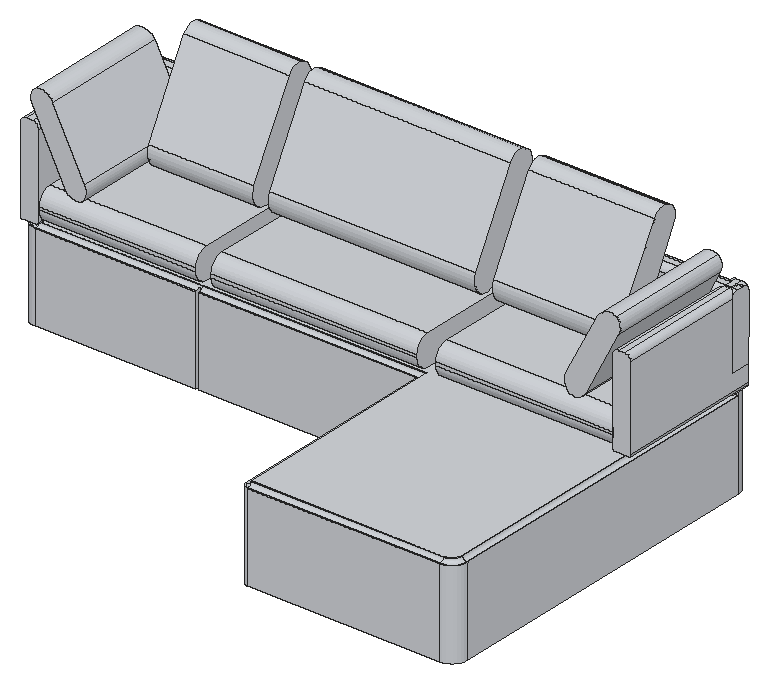
Revit family "Golden Sofa", category Generic Models, Revit 2027
Family settings
  Can host rebar = No
  Round Connector Dimension = Use Diameter
  Part Type = Normal
  Work Plane-Based = No
  Always vertical = Yes
  Cut with Voids When Loaded = No
  Maintain Annotation Orientation = No
  Shared = No
  Room Calculation Point = No
Parameters
  Mueble superior = none
  Mueble inferior = none
  Default Elevation = 0.00 m
  Cojines bajos = none
  Cojines Altos = none
  Ancho Y2 = 0.6 * Ancho Y  # 0.72 m
  Ancho Y = 1.20 m
  Ancho X2 = 0.65 * Ancho X  # 1.30 m
  Ancho X = 2.00 m
  Altura Posabrazos = 0.30 m
  Altura Base = 0.30 m
Reference planes (m)
  plane 1 "Center (Front/Back)": y = 0
  plane 2: z = 0
  plane 3 "Center (Left/Right)": x = 0
  plane 4: x = -1
  plane 5: x = 1
  plane 6: y = 0.6
  plane 7: y = -0.6
  plane 8: y = 0.12
  plane 9: x = 0.3
  plane 10 "top base": z = 0.3
  plane 11 "top brazos": z = 0.6
  plane 12: y = 0.4
  plane 13: x = -0.77
  plane 14: x = -0.375
  plane 15: x = 0.77
  plane 16: x = 0.36
Forms (m)
  Extrusion 1, solid, material <- "Mueble inferior"
    sketch origin (0.12, 0.04, 0) x (1, 0, 0) y (0, 1, 0)
      loop
        arc (-1.078251, 0.56) -> (-1.107772, 0.547772) -> (-1.12, 0.518251) r 0.041749
        line (-1.12, 0.518251) -> (-1.12, 0.13)
        arc (-1.12, 0.13) -> (-1.105355, 0.094645) -> (-1.07, 0.08) r 0.05
        line (-1.07, 0.08) -> (-0.545, 0.08) -> (-0.545, 0.095) -> (-0.535, 0.095) -> (-0.535, 0.08) -> (0.18, 0.08) -> (0.18, -0.62)
        arc (0.18, -0.62) -> (0.185858, -0.634142) -> (0.2, -0.64) r 0.02
        line (0.2, -0.64) -> (0.83, -0.64)
        arc (0.83, -0.64) -> (0.865355, -0.625355) -> (0.88, -0.59) r 0.05
        line (0.88, -0.59) -> (0.88, 0.52)
        arc (0.88, 0.52) -> (0.868284, 0.548284) -> (0.84, 0.56) r 0.04
        line (0.84, 0.56) -> (-1.078251, 0.56)
    from 0 to 0.3
  Extrusion 2, solid, material <- "Mueble superior"
    sketch origin (0, 0, 0) x (1, 0, 0) y (0, 0, 1)
      loop
        line (-0.992045, 0.3) -> (-0.948115, 0.3)
        arc (-0.948115, 0.3) -> (-0.942377, 0.302377) -> (-0.94, 0.308115) r 0.008115
        line (-0.94, 0.308115) -> (-0.94, 0.58)
        arc (-0.94, 0.58) -> (-0.945858, 0.594142) -> (-0.96, 0.6) r 0.02
        line (-0.96, 0.6) -> (-0.98, 0.6)
        arc (-0.98, 0.6) -> (-0.994142, 0.594142) -> (-1, 0.58) r 0.02
        line (-1, 0.58) -> (-1, 0.307955)
        arc (-1, 0.307955) -> (-0.99767, 0.30233) -> (-0.992045, 0.3) r 0.007955
    from -0.6 to -0.12
  Extrusion 3, solid, material <- "Mueble superior"
    sketch origin (1.94, 0, 0) x (1, 0, 0) y (0, 0, 1)
      loop
        line (-0.992045, 0.3) -> (-0.948115, 0.3)
        arc (-0.948115, 0.3) -> (-0.942377, 0.302377) -> (-0.94, 0.308115) r 0.008115
        line (-0.94, 0.308115) -> (-0.94, 0.58)
        arc (-0.94, 0.58) -> (-0.945858, 0.594142) -> (-0.96, 0.6) r 0.02
        line (-0.96, 0.6) -> (-0.98, 0.6)
        arc (-0.98, 0.6) -> (-0.994142, 0.594142) -> (-1, 0.58) r 0.02
        line (-1, 0.58) -> (-1, 0.307955)
        arc (-1, 0.307955) -> (-0.99767, 0.30233) -> (-0.992045, 0.3) r 0.007955
    from -0.6 to -0.12
  Extrusion 4, solid, material <- "Mueble superior"
    sketch origin (0, 0, 0) x (0, 1, 0) y (0, 0, 1)
      loop
        line (0.6, 0.3) -> (0.6, 0.58)
        arc (0.6, 0.58) -> (0.594142, 0.594142) -> (0.58, 0.6) r 0.02
        line (0.58, 0.6) -> (0.555, 0.6)
        arc (0.555, 0.6) -> (0.540858, 0.594142) -> (0.535, 0.58) r 0.02
        line (0.535, 0.58) -> (0.535, 0.308)
        arc (0.535, 0.308) -> (0.537343, 0.302343) -> (0.543, 0.3) r 0.008
        line (0.543, 0.3) -> (0.6, 0.3)
    from -1 to 1
  Extrusion 5, solid, material <- "Cojines Altos"
    sketch origin (-0.002387, 0, 0.039161) x (1, 0, 0) y (0, 0, 1)
      loop
        line (-0.957739, 0.606251) -> (-0.85257, 0.399847)
        arc (-0.85257, 0.399847) -> (-0.828741, 0.378319) -> (-0.796627, 0.37816) r 0.045
        arc (-0.796627, 0.37816) -> (-0.781372, 0.403679) -> (-0.785361, 0.433142) r 0.045
        line (-0.785361, 0.433142) -> (-0.889745, 0.638008)
        arc (-0.889745, 0.638008) -> (-0.915934, 0.660376) -> (-0.95027, 0.657673) r 0.045
        arc (-0.95027, 0.657673) -> (-0.962176, 0.633149) -> (-0.957739, 0.606251) r 0.045
    from -0.535 to -0.12
  Extrusion 6, solid, material <- "Cojines Altos"
    sketch origin (-0.84, -0.402933, 0.045) x (0, -1, 0) y (0, 0, 1)
      loop
        line (-0.986999, 0.663683) -> (-0.851545, 0.398247)
        arc (-0.851545, 0.398247) -> (-0.821699, 0.371447) -> (-0.781742, 0.374975) r 0.05033
        arc (-0.781742, 0.374975) -> (-0.758999, 0.406963) -> (-0.761991, 0.446096) r 0.057676
        line (-0.761991, 0.446096) -> (-0.906319, 0.706471)
        arc (-0.906319, 0.706471) -> (-0.930786, 0.726277) -> (-0.962144, 0.723519) r 0.042
        line (-0.962144, 0.723519) -> (-0.968679, 0.720184)
        arc (-0.968679, 0.720184) -> (-0.989541, 0.695727) -> (-0.986999, 0.663683) r 0.042
    from -0.415 to -0.07
  Extrusion 7, solid, material <- "Cojines Altos"
    sketch origin (-0.28, -0.402933, 0.045) x (0, -1, 0) y (0, 0, 1)
      loop
        line (-0.986999, 0.663683) -> (-0.851545, 0.398247)
        arc (-0.851545, 0.398247) -> (-0.821699, 0.371447) -> (-0.781742, 0.374975) r 0.05033
        arc (-0.781742, 0.374975) -> (-0.758999, 0.406963) -> (-0.761991, 0.446096) r 0.057676
        line (-0.761991, 0.446096) -> (-0.906319, 0.706471)
        arc (-0.906319, 0.706471) -> (-0.930786, 0.726277) -> (-0.962144, 0.723519) r 0.042
        line (-0.962144, 0.723519) -> (-0.968679, 0.720184)
        arc (-0.968679, 0.720184) -> (-0.989541, 0.695727) -> (-0.986999, 0.663683) r 0.042
    from -0.58 to 0.095
  Sweep 8, void
    path in 3D
      loop
        line (-1, 0.558251, 0.3) -> (-1, 0.17, 0.3)
        arc (-1, 0.17, 0.3) -> (-0.985355, 0.134645, 0.3) -> (-0.95, 0.12, 0.3) r 0.05
        line (-0.95, 0.12, 0.3) -> (-0.415, 0.12, 0.3) -> (0.3, 0.12, 0.3) -> (0.3, -0.58, 0.3)
        arc (0.3, -0.58, 0.3) -> (0.305858, -0.594142, 0.3) -> (0.32, -0.6, 0.3) r 0.02
        line (0.32, -0.6, 0.3) -> (0.95, -0.6, 0.3)
        arc (0.95, -0.6, 0.3) -> (0.985355, -0.585355, 0.3) -> (1, -0.55, 0.3) r 0.05
        line (1, -0.55, 0.3) -> (1, 0.56, 0.3)
    profile origin (-0.6825, 0.12, 0.3) x (0, 1, 0) y (0, 0, 1)
      loop
        line (0, 0) -> (0, -0.013397) -> (0.00487, -0.013397)
        arc (0.00487, -0.013397) -> (0.0137, -0.00974) -> (0.017358, -0.00091) r 0.012488
        line (0.017358, -0.00091) -> (0.017358, 0) -> (0, 0)
  Extrusion 9, solid, material <- "Cojines bajos"
    sketch origin (0, 0, 0) x (0, 1, 0) y (0, 0, 1)
      loop
        line (0.165, 0.3) -> (0.49, 0.3)
        arc (0.49, 0.3) -> (0.52182, 0.31318) -> (0.535, 0.345) r 0.045
        line (0.535, 0.345) -> (0.535, 0.355)
        arc (0.535, 0.355) -> (0.52182, 0.38682) -> (0.49, 0.4) r 0.045
        line (0.49, 0.4) -> (0.165, 0.4)
        arc (0.165, 0.4) -> (0.13318, 0.38682) -> (0.12, 0.355) r 0.045
        line (0.12, 0.355) -> (0.12, 0.345)
        arc (0.12, 0.345) -> (0.13318, 0.31318) -> (0.165, 0.3) r 0.045
    from -0.94 to -0.425
  Extrusion 10, solid, material <- "Cojines bajos"
    sketch origin (0, 0, 0) x (0, 1, 0) y (0, 0, -1)
      loop
        arc (0.165, -0.3) -> (0.13318, -0.31318) -> (0.12, -0.345) r 0.045
        line (0.12, -0.345) -> (0.12, -0.355)
        arc (0.12, -0.355) -> (0.13318, -0.38682) -> (0.165, -0.4) r 0.045
        line (0.165, -0.4) -> (0.49, -0.4)
        arc (0.49, -0.4) -> (0.52182, -0.38682) -> (0.535, -0.355) r 0.045
        line (0.535, -0.355) -> (0.535, -0.345)
        arc (0.535, -0.345) -> (0.52182, -0.31318) -> (0.49, -0.3) r 0.045
        line (0.49, -0.3) -> (0.165, -0.3)
    from -0.94 to -0.36
  Extrusion 11, solid, material <- "Cojines bajos"
    sketch origin (-0.765419, 0, 0) x (0, 1, 0) y (0, 0, -1)
      loop
        arc (0.165, -0.3) -> (0.13318, -0.31318) -> (0.12, -0.345) r 0.045
        line (0.12, -0.345) -> (0.12, -0.355)
        arc (0.12, -0.355) -> (0.13318, -0.38682) -> (0.165, -0.4) r 0.045
        line (0.165, -0.4) -> (0.49, -0.4)
        arc (0.49, -0.4) -> (0.52182, -0.38682) -> (0.535, -0.355) r 0.045
        line (0.535, -0.355) -> (0.535, -0.345)
        arc (0.535, -0.345) -> (0.52182, -0.31318) -> (0.49, -0.3) r 0.045
        line (0.49, -0.3) -> (0.165, -0.3)
    from -1.065419 to -0.390419
  Extrusion 12, solid, material <- "Cojines Altos"
    sketch origin (0.002387, 0, 0.039161) x (-1, 0, 0) y (0, 0, -1)
      loop
        arc (-0.957739, -0.606251) -> (-0.962176, -0.633149) -> (-0.95027, -0.657673) r 0.045
        arc (-0.95027, -0.657673) -> (-0.915934, -0.660376) -> (-0.889745, -0.638008) r 0.045
        line (-0.889745, -0.638008) -> (-0.785361, -0.433142)
        arc (-0.785361, -0.433142) -> (-0.781372, -0.403679) -> (-0.796627, -0.37816) r 0.045
        arc (-0.796627, -0.37816) -> (-0.828741, -0.378319) -> (-0.85257, -0.399847) r 0.045
        line (-0.85257, -0.399847) -> (-0.957739, -0.606251)
    from -0.535 to -0.12
  Extrusion 13, solid, material <- "Cojines Altos"
    sketch origin (0.84, -0.402933, 0.045) x (0, -1, 0) y (0, 0, -1)
      loop
        arc (-0.986999, -0.663683) -> (-0.989541, -0.695727) -> (-0.968679, -0.720184) r 0.042
        line (-0.968679, -0.720184) -> (-0.962144, -0.723519)
        arc (-0.962144, -0.723519) -> (-0.930786, -0.726277) -> (-0.906319, -0.706471) r 0.042
        line (-0.906319, -0.706471) -> (-0.761991, -0.446096)
        arc (-0.761991, -0.446096) -> (-0.758999, -0.406963) -> (-0.781742, -0.374975) r 0.057676
        arc (-0.781742, -0.374975) -> (-0.821699, -0.371447) -> (-0.851545, -0.398247) r 0.05033
        line (-0.851545, -0.398247) -> (-0.986999, -0.663683)
    from -0.48 to -0.07
Cuts and joins
  Sweep 8 cuts Extrusion 1
  Sweep 8 cuts Extrusion 2
  Sweep 8 cuts Extrusion 4
Lines and regions (m)
  sketch lines
    curve 1: line (-0.95, 0.12, 0.3) -> (-0.415, 0.12, 0.3)
    curve 2: line (-1, 0.558251, 0.3) -> (-1, 0.17, 0.3)
    curve 3: arc (-0.95, 0.12, 0.3) -> (-0.985355, 0.134645, 0.3) -> (-1, 0.17, 0.3) r 0.05
    curve 4: line (-0.415, 0.12, 0.3) -> (0.3, 0.12, 0.3)
    curve 5: line (0.3, 0.12, 0.3) -> (0.3, -0.58, 0.3)
    curve 6: line (0.32, -0.6, 0.3) -> (0.95, -0.6, 0.3)
    curve 7: arc (0.32, -0.6, 0.3) -> (0.305858, -0.594142, 0.3) -> (0.3, -0.58, 0.3) r 0.02
    curve 8: arc (1, -0.55, 0.3) -> (0.985355, -0.585355, 0.3) -> (0.95, -0.6, 0.3) r 0.05
    curve 9: line (1, -0.55, 0.3) -> (1, 0.56, 0.3)
Dimensions and locks (m)
  plane 4 to plane 3 "Center (Left/Right)" to Extrusion 1 = 1.00 m, 1.00 m
  "Ancho X": plane 4 to plane 5
  equal spacing: plane 6, plane 1 "Center (Front/Back)", plane 7
  "Ancho Y": plane 6 to plane 7
  "Ancho X2": plane 4 to plane 9
  "Ancho Y2": plane 8 to plane 7
  "Altura Base": plane 10 "top base" to level
  "Altura Posabrazos": plane 11 "top brazos" to plane 10 "top base"
  plane 13 to plane 4 = 0.23 m
  plane 14 to Extrusion 6 = 0.05 m
  plane 5 to plane 15 = 0.23 m
  plane 16 to plane 9 = 0.06 m
  aligned and locked: level to plane 2
  aligned and locked: Extrusion 1 to plane 4
  aligned and locked: plane 5 to Extrusion 1
  aligned and locked: plane 6 to Extrusion 1
  aligned and locked: Extrusion 1 to plane 7
  aligned and locked: Extrusion 1 to plane 8
  aligned and locked: Extrusion 1 to plane 9
  aligned and locked: plane 10 "top base" to Extrusion 1
  aligned and locked: Extrusion 2 to Extrusion 1
  aligned and locked: Extrusion 1 to Extrusion 2
  aligned and locked: Extrusion 3 to Extrusion 1
  aligned and locked: Extrusion 1 to Extrusion 3
  aligned and locked: Extrusion 1 to Extrusion 4
  aligned and locked: plane 11 "top brazos" to Extrusion 4
  aligned and locked: Extrusion 4 to Extrusion 2
  aligned and locked: Extrusion 4 to Extrusion 3
  aligned and locked: Extrusion 1 to Extrusion 5
  aligned and locked: Extrusion 5 to Extrusion 4
  aligned and locked: Extrusion 1 to Extrusion 6
  aligned and locked: Extrusion 6 to plane 13
  aligned and locked: Extrusion 1 to Extrusion 7
  aligned and locked: Extrusion 7 to plane 14
  aligned and locked: Extrusion 9 to cut or joined group of Extrusion 2, Sweep 8
  aligned and locked: Extrusion 9 to Extrusion 6
  aligned and locked: Extrusion 10 to Extrusion 3
  aligned and locked: plane 9 to Extrusion 11
  aligned and locked: Extrusion 7 to Extrusion 11
  aligned and locked: Extrusion 10 to plane 16
  aligned and locked: Extrusion 13 to plane 16
  aligned and locked: Extrusion 13 to plane 15
Automatic sketch dimensions
  Extrusion 1 sketch curve to plane 4 = 0.00 m
  Extrusion 1 sketch curve to plane 6 = 0.00 m
  Extrusion 1 sketch curve to plane 8 = 0.00 m  (x2)
  Extrusion 1 sketch curve to plane 9 = 0.00 m
  Extrusion 1 sketch curve to plane 7 = 0.00 m
  Extrusion 1 sketch curve to plane 5 = 0.00 m
  plane 4 to Extrusion 1 sketch curve = 0.041749 m
  plane 4 to Extrusion 1 sketch curve = 0.05 m
  plane 8 to Extrusion 1 sketch curve = 0.015 m
  Extrusion 1 sketch curve to plane 14 = 0.05 m
  Extrusion 1 sketch curve to Extrusion 1 sketch curve = 0.01 m
  plane 9 to Extrusion 1 sketch curve = 0.02 m
  Extrusion 1 sketch curve to Extrusion 1 sketch curve = 0.05 m
  Extrusion 1 sketch curve to Extrusion 1 sketch curve = 0.04 m
  Extrusion 2 sketch curve to plane 4 = 0.00 m
  Extrusion 2 sketch curve to plane 10 "top base" = 0.00 m
  Extrusion 2 sketch curve to plane 11 "top brazos" = 0.00 m
  plane 4 to Extrusion 2 sketch curve = 0.007955 m
  plane 4 to Extrusion 2 sketch curve = 0.02 m
  Extrusion 2 sketch curve to Extrusion 2 sketch curve = 0.02 m
  plane 10 "top base" to Extrusion 2 sketch curve = 0.008115 m
  Extrusion 2 sketch curve to Extrusion 2 sketch curve = 0.04393 m
  Extrusion 3 sketch curve to plane 10 "top base" = 0.00 m
  Extrusion 3 sketch curve to plane 11 "top brazos" = 0.00 m
  Extrusion 3 sketch curve to plane 5 = 0.00 m
  Extrusion 3 sketch curve to plane 5 = 0.008115 m
  Extrusion 3 sketch curve to plane 5 = 0.02 m
  Extrusion 3 sketch curve to Extrusion 3 sketch curve = 0.02 m
  plane 10 "top base" to Extrusion 3 sketch curve = 0.007955 m
  Extrusion 3 sketch curve to Extrusion 3 sketch curve = 0.04393 m
  Extrusion 4 sketch curve to plane 10 "top base" = 0.00 m
  Extrusion 4 sketch curve to plane 11 "top brazos" = 0.00 m
  Extrusion 4 sketch curve to plane 6 = 0.00 m
  Extrusion 4 sketch curve to plane 6 = 0.02 m
  Extrusion 4 sketch curve to Extrusion 4 sketch curve = 0.025 m
  Extrusion 4 sketch curve to Extrusion 4 sketch curve = 0.057 m
  Extrusion 4 sketch curve to Extrusion 4 sketch curve = 0.008 m
  plane 4 to Extrusion 5 sketch curve = 0.039874 m
  Extrusion 5 sketch curve to Extrusion 5 sketch curve = 0.027899 m  (x2)
  Extrusion 5 sketch curve to Extrusion 5 sketch curve = 0.012197 m
  plane 11 "top brazos" to Extrusion 5 sketch curve = 0.077169 m
  Extrusion 5 sketch curve to plane 13 = 0.084957 m
  Extrusion 5 sketch curve to Extrusion 5 sketch curve = 0.027115 m
  Extrusion 5 sketch curve to Extrusion 5 sketch curve = 0.012981 m
  Extrusion 5 sketch curve to plane 13 = 0.017748 m
  Extrusion 5 sketch curve to Extrusion 5 sketch curve = 0.011327 m  (x2)
  Extrusion 5 sketch curve to Extrusion 5 sketch curve = 0.009103 m
  Extrusion 5 sketch curve to plane 11 "top brazos" = 0.127697 m
  Extrusion 5 sketch curve to Extrusion 5 sketch curve = 0.012865 m  (x2)
  Extrusion 5 sketch curve to Extrusion 5 sketch curve = 0.007564 m
  Extrusion 6 sketch curve to plane 6 = 0.015934 m
  Extrusion 6 sketch curve to plane 6 = 0.034254 m
  Extrusion 6 sketch curve to Extrusion 6 sketch curve = 0.006536 m  (x2)
  Extrusion 6 sketch curve to Extrusion 6 sketch curve = 0.03741 m
  Extrusion 6 sketch curve to Extrusion 6 sketch curve = 0.036734 m
  Extrusion 6 sketch curve to plane 12 = 0.048612 m
  Extrusion 6 sketch curve to plane 12 = 0.011639 m
  Extrusion 6 sketch curve to plane 12 = 0.002848 m
  plane 12 to Extrusion 6 sketch curve = 0.040942 m
  Extrusion 6 sketch curve to Extrusion 6 sketch curve = 0.020947 m
  Extrusion 6 sketch curve to Extrusion 6 sketch curve = 0.003202 m
  Extrusion 6 sketch curve to Extrusion 6 sketch curve = 0.026903 m
  plane 11 "top brazos" to Extrusion 6 sketch curve = 0.108683 m
  Extrusion 6 sketch curve to Extrusion 6 sketch curve = 0.019091 m
  Extrusion 6 sketch curve to Extrusion 6 sketch curve = 0.003335 m
  Extrusion 6 sketch curve to Extrusion 6 sketch curve = 0.020362 m
  Extrusion 7 sketch curve to plane 6 = 0.015934 m
  Extrusion 7 sketch curve to plane 6 = 0.034254 m
  Extrusion 7 sketch curve to Extrusion 7 sketch curve = 0.006536 m  (x2)
  Extrusion 7 sketch curve to Extrusion 7 sketch curve = 0.019091 m  (x2)
  Extrusion 7 sketch curve to Extrusion 7 sketch curve = 0.036734 m
  Extrusion 7 sketch curve to plane 12 = 0.048612 m
  Extrusion 7 sketch curve to plane 12 = 0.011639 m
  Extrusion 7 sketch curve to plane 12 = 0.002848 m
  plane 12 to Extrusion 7 sketch curve = 0.040942 m
  Extrusion 7 sketch curve to Extrusion 7 sketch curve = 0.020947 m
  Extrusion 7 sketch curve to Extrusion 7 sketch curve = 0.003202 m
  Extrusion 7 sketch curve to Extrusion 7 sketch curve = 0.026903 m
  plane 11 "top brazos" to Extrusion 7 sketch curve = 0.108683 m
  Extrusion 7 sketch curve to Extrusion 7 sketch curve = 0.003335 m
  Extrusion 7 sketch curve to Extrusion 7 sketch curve = 0.020362 m
  Sweep 8 sketch curve to profile plane = 0.00 m  (x2)
  Sweep 8 sketch curve to profile plane = 0.00091 m
  Sweep 8 sketch curve to profile plane = 0.00487 m
  Sweep 8 sketch curve to Sweep 8 sketch curve = 0.012488 m
  Extrusion 9 sketch curve to plane 8 = 0.00 m
  Extrusion 9 sketch curve to plane 10 "top base" = 0.00 m
  plane 8 to Extrusion 9 sketch curve = 0.045 m  (x2)
  plane 10 "top base" to Extrusion 9 sketch curve = 0.045 m
  Extrusion 9 sketch curve to plane 12 = 0.09 m
  Extrusion 9 sketch curve to Extrusion 9 sketch curve = 0.00 m
  Extrusion 10 sketch curve to plane 8 = 0.00 m
  Extrusion 10 sketch curve to plane 10 "top base" = 0.00 m
  plane 8 to Extrusion 10 sketch curve = 0.045 m  (x2)
  plane 10 "top base" to Extrusion 10 sketch curve = 0.045 m
  Extrusion 10 sketch curve to plane 12 = 0.09 m
  Extrusion 10 sketch curve to Extrusion 10 sketch curve = 0.00 m
  Extrusion 11 sketch curve to plane 8 = 0.00 m
  Extrusion 11 sketch curve to plane 10 "top base" = 0.00 m
  plane 8 to Extrusion 11 sketch curve = 0.045 m  (x2)
  plane 10 "top base" to Extrusion 11 sketch curve = 0.045 m
  Extrusion 11 sketch curve to plane 12 = 0.09 m
  Extrusion 11 sketch curve to Extrusion 11 sketch curve = 0.00 m
  Extrusion 12 sketch curve to plane 5 = 0.039874 m
  Extrusion 12 sketch curve to Extrusion 12 sketch curve = 0.027899 m  (x2)
  Extrusion 12 sketch curve to Extrusion 12 sketch curve = 0.012197 m
  plane 11 "top brazos" to Extrusion 12 sketch curve = 0.077169 m
  Extrusion 12 sketch curve to plane 15 = 0.084957 m
  Extrusion 12 sketch curve to Extrusion 12 sketch curve = 0.027115 m
  Extrusion 12 sketch curve to Extrusion 12 sketch curve = 0.012981 m
  Extrusion 12 sketch curve to plane 15 = 0.017748 m
  Extrusion 12 sketch curve to Extrusion 12 sketch curve = 0.011327 m  (x2)
  Extrusion 12 sketch curve to Extrusion 12 sketch curve = 0.009103 m
  Extrusion 12 sketch curve to plane 11 "top brazos" = 0.127697 m
  Extrusion 12 sketch curve to Extrusion 12 sketch curve = 0.012865 m  (x2)
  Extrusion 12 sketch curve to Extrusion 12 sketch curve = 0.007564 m
  Extrusion 13 sketch curve to plane 6 = 0.015934 m
  Extrusion 13 sketch curve to plane 6 = 0.034254 m
  Extrusion 13 sketch curve to Extrusion 13 sketch curve = 0.006536 m  (x2)
  Extrusion 13 sketch curve to Extrusion 13 sketch curve = 0.019091 m
  Extrusion 13 sketch curve to Extrusion 13 sketch curve = 0.036734 m
  Extrusion 13 sketch curve to plane 12 = 0.048612 m
  Extrusion 13 sketch curve to plane 12 = 0.011639 m
  Extrusion 13 sketch curve to plane 12 = 0.002848 m
  plane 12 to Extrusion 13 sketch curve = 0.040942 m
  plane 11 "top brazos" to Extrusion 13 sketch curve = 0.168519 m
  Extrusion 13 sketch curve to Extrusion 13 sketch curve = 0.003335 m  (x2)
  Extrusion 13 sketch curve to Extrusion 13 sketch curve = 0.017048 m
  Extrusion 13 sketch curve to Extrusion 13 sketch curve = 0.003202 m
  Extrusion 13 sketch curve to Extrusion 13 sketch curve = 0.024149 m
  plane 10 "top base" to Extrusion 6 sketch curve = 0.191096 m
  plane 10 "top base" to Extrusion 7 sketch curve = 0.191096 m
  Extrusion 9 sketch curve to Extrusion 9 sketch curve = 0.01 m
  Extrusion 10 sketch curve to Extrusion 10 sketch curve = 0.01 m
  Extrusion 11 sketch curve to Extrusion 11 sketch curve = 0.01 m
  plane 10 "top base" to Extrusion 13 sketch curve = 0.191096 m
  Extrusion 13 sketch curve to Extrusion 13 sketch curve = 0.023701 m
